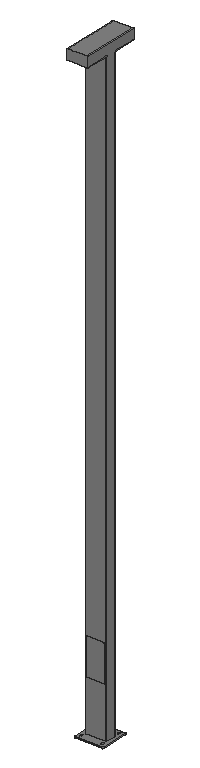
Revit family "Супремус В", category Осветительные приборы, Revit 2019 (continued)
Types (7, lengths in mm): name | Файл фотометрической сетки | built-in parameter 1150105 | Lumens | built-in parameter 1150106 | built-in parameter 1150142 | Wattage | L_общая рассеиватели | ADSK_Фактическая мощность | ADSK_Размер_Высота | ADSK_Номинальная мощность | ADSK_Наименование | ADSK_Масса_Текст | ADSK_Масса | ADSK_Артикул | 2
    4 8.7 8.2 7.5 7.5 7.0 7.6 7.8 7.5 6.8 5.9 5.2 5.0 4.9\r\n 5.1 5.3 5.4 0.0 0.0 0.0 0.0 0.0 0.0 0.0 0.0 0.0 0.0 0.0 0.0 0.0 0.0 0.0 0.0 0.0 0.0 0.0 0.0 0.0 0.0 0.0 0.0 0.0 0.0 0.0 0.0 0.0\r\n 0.0 0.0 0.0 0.0 0.0 0.0 0.0 0.0 0.0 0.0 0.0 0.0 0.0 0.0 0.0 0.0 0.0 0.0 0.0 0.0 0.0 0.0 0.0 0.0 0.0 0.0 0.0 0.0 0.0 0.0 0.0 0.0\r\n 0.0 0.0 0.0 0.0 0.0 0.0 0.0 0.0 0.0 0.0 0.0 0.0 0.0 0.0 0.0 0.0 0.0 0.0 0.0 0.0 0.0 0.0 0.0 0.0 0.0 0.0 0.0 0.0 0.0 0.0 0.0 0.0\r\n 0.0 0.0 0.0 0.0 0.0 0.0 0.0 0.0 0.0 0.0 0.0 0.0 0.0 0.0 0.0 0.0 0.0 0.0 0.0 0.0 0.0 0.0 0.0 0.0 0.0 0.0 0.0 0.0 0.0 0.0 0.0 0.0\r\n 0.0 0.0 0.0 0.0 0.0 0.0 0.0 0.0 0.0 0.0 0.0 0.0 0.0 0.0 0.0 0.0 0.0 0.0 0.0 0.0 0.0 0.0 0.0 0.0 0.0 0.0 0.0 0.0 0.0 0.0 0.0 0.0\r\n 0.0 0.0 0.0\r\n275.6 273.3 270.8 268.1 265.9 263.1 260.6 258.2 255.5 252.9 250.2 247.2 243.8 239.9 235.5 231.1 227.1 223.2 220.1 217.2 214.0\r\n 210.7 207.1 203.2 199.2 195.4 191.3 187.4 183.1 178.7 174.0 169.0 163.9 158.9 154.0 149.5 145.1 140.9 137.3 134.0 130.8 128.1\r\n 125.5 122.8 120.4 118.0 115.6 113.1 110.3 107.4 104.4 101.3 98.5 95.8 93.2 90.5 87.6 84.6 81.8 79.1 76.8 74.3 72.0 69.7 67.3 65.3\r\n 63.2 61.3 59.6 58.0 56.5 55.0 53.5 52.1 50.6 49.2 48.0 46.7 45.5 44.5 43.5 42.6 41.7 40.9 40.1 39.3 38.6 38.1 37.8 37.3 37.1 37.0\r\n 37.1 37.0 36.8 37.0 37.4 37.8 38.1 38.0 37.8 37.6 37.3 36.8 36.6 37.1 37.0 36.8 36.2 35.5 34.8 34.0 33.7 33.4 33.0 33.0 33.0 33.3\r\n 34.0 34.6 35.5 36.7 38.1 40.0 42.8 47.2 51.7 56.4 60.8 64.8 68.8 72.0 73.8 73.9 72.0 71.0 68.6 66.5 64.1 62.7 61.3 60.0 58.5 56.8\r\n 56.1 55.2 54.4 53.4 52.5 51.8 51.1 50.4 49.5 48.6 47.6 46.3 45.2 44.3 43.2 42.2 40.4 38.6 36.6 34.9 33.6 32.3 30.6 29.5 28.1 25.7\r\n 22.1 18.9 17.2 16.0 14.9 13.9 13.1 12.3 11.4 9.9 9.6 9.6 10.0 9.9 9.6 8.8 8.1 7.7 7.5 7.8 8.6 8.4 7.8 6.8 5.8 5.3 5.2 5.0 5.3 5.5\r\n 5.7 0.0 0.0 0.0 0.0 0.0 0.0 0.0 0.0 0.0 0.0 0.0 0.0 0.0 0.0 0.0 0.0 0.0 0.0 0.0 0.0 0.0 0.0 0.0 0.0 0.0 0.0 0.0 0.0 0.0 0.0 0.0\r\n 0.0 0.0 0.0 0.0 0.0 0.0 0.0 0.0 0.0 0.0 0.0 0.0 0.0 0.0 0.0 0.0 0.0 0.0 0.0 0.0 0.0 0.0 0.0 0.0 0.0 0.0 0.0 0.0 0.0 0.0 0.0 0.0\r\n 0.0 0.0 0.0 0.0 0.0 0.0 0.0 0.0 0.0 0.0 0.0 0.0 0.0 0.0 0.0 0.0 0.0 0.0 0.0 0.0 0.0 0.0 0.0 0.0 0.0 0.0 0.0 0.0 0.0 0.0 0.0 0.0\r\n 0.0 0.0 0.0 0.0 0.0 0.0 0.0 0.0 0.0 0.0 0.0 0.0 0.0 0.0 0.0 0.0 0.0 0.0 0.0 0.0 0.0 0.0 0.0 0.0 0.0 0.0 0.0 0.0 0.0 0.0 0.0 0.0\r\n 0.0 0.0 0.0 0.0 0.0 0.0 0.0 0.0 0.0 0.0 0.0 0.0 0.0 0.0 0.0 0.0 0.0 0.0 0.0 0.0 0.0 0.0 0.0 0.0 0.0 0.0 0.0 0.0 0.0 0.0 0.0 0.0\r\n 0.0\r\n275.6 273.1 270.6 268.0 265.6 263.0 260.5 258.1 255.4 252.7 250.1 247.1 243.8 240.0 235.6 231.1 227.0 223.2 219.9 216.9 213.9\r\n 210.5 207.1 203.2 199.1 195.2 191.3 187.2 183.0 178.5 173.6 168.6 163.8 158.8 153.9 149.2 144.9 140.9 137.1 133.8 130.8 128.1\r\n 125.4 122.6 119.9 117.5 115.3 112.7 109.9 107.0 103.9 100.8 97.9 95.3 92.7 90.0 87.2 84.2 81.4 78.7 76.4 74.1 71.7 69.3 67.0 64.8\r\n 62.8 61.0 59.2 57.6 56.2 54.7 53.3 51.8 50.4 49.0 47.8 46.6 45.4 44.3 43.4 42.5 41.7 40.9 40.1 39.3 38.6 38.3 37.9 37.5 37.3 37.1\r\n 37.1 37.0 36.8 36.8 37.3 37.8 38.1 38.0 37.7 37.4 37.0 36.7 36.7 37.3 37.2 36.9 36.4 35.6 35.0 34.5 34.1 33.8 33.4 33.2 33.2 33.7\r\n 34.3 35.1 35.9 36.8 38.3 40.2 42.7 46.8 51.2 56.3 60.4 64.4 69.4 74.0 75.6 75.1 73.7 72.1 69.9 66.7 64.2 62.0 60.7 59.6 58.6 58.5\r\n 57.0 55.3 54.3 53.7 52.9 52.3 51.9 51.3 50.2 49.2 47.7 46.3 44.9 43.8 42.6 41.3 39.5 37.6 35.7 34.3 33.0 32.0 30.7 29.1 27.4 25.2\r\n 22.0 18.5 16.8 15.6 14.5 13.6 12.7 11.8 11.1 10.0 9.1 8.8 9.1 9.4 8.9 8.4 7.9 7.4 7.5 7.8 9.3 8.1 7.1 6.4 5.8 5.2 5.1 4.9 5.0 5.2\r\n 5.5 0.0 0.0 0.0 0.0 0.0 0.0 0.0 0.0 0.0 0.0 0.0 0.0 0.0 0.0 0.0 0.0 0.0 0.0 0.0 0.0 0.0 0.0 0.0 0.0 0.0 0.0 0.0 0.0 0.0 0.0 0.0\r\n 0.0 0.0 0.0 0.0 0.0 0.0 0.0 0.0 0.0 0.0 0.0 0.0 0.0 0.0 0.0 0.0 0.0 0.0 0.0 0.0 0.0 0.0 0.0 0.0 0.0 0.0 0.0 0.0 0.0 0.0 0.0 0.0\r\n 0.0 0.0 0.0 0.0 0.0 0.0 0.0 0.0 0.0 0.0 0.0 0.0 0.0 0.0 0.0 0.0 0.0 0.0 0.0 0.0 0.0 0.0 0.0 0.0 0.0 0.0 0.0 0.0 0.0 0.0 0.0 0.0\r\n 0.0 0.0 0.0 0.0 0.0 0.0 0.0 0.0 0.0 0.0 0.0 0.0 0.0 0.0 0.0 0.0 0.0 0.0 0.0 0.0 0.0 0.0 0.0 0.0 0.0 0.0 0.0 0.0 0.0 0.0 0.0 0.0\r\n 0.0 0.0 0.0 0.0 0.0 0.0 0.0 0.0 0.0 0.0 0.0 0.0 0.0 0.0 0.0 0.0 0.0 0.0 0.0 0.0 0.0 0.0 0.0 0.0 0.0 0.0 0.0 0.0 0.0 0.0 0.0 0.0\r\n 0.0\r\n275.6 273.1 270.8 268.1 265.6 263.1 260.6 258.0 255.4 252.8 250.1 247.2 243.8 239.9 235.6 231.1 227.1 223.3 220.1 216.9 214.0\r\n 210.7 207.3 203.3 199.4 195.4 191.4 187.4 183.1 178.6 173.7 168.6 163.6 158.8 154.1 149.5 145.1 141.1 137.4 134.1 130.9 128.0\r\n 125.3 122.6 120.1 117.8 115.6 113.1 110.3 107.3 104.4 101.4 98.5 95.8 93.2 90.6 87.6 84.7 81.8 79.0 76.6 74.3 72.1 69.6 67.4 65.2\r\n 63.0 61.3 59.5 57.9 56.4 54.9 53.6 52.1 50.7 49.3 48.1 46.9 45.7 44.7 43.7 42.8 41.9 41.0 40.2 39.4 38.7 38.2 37.7 37.3 37.2 37.0\r\n 36.9 36.7 36.5 36.5 37.1 37.7 38.0 37.9 37.7 37.2 36.8 36.6 36.6 37.3 37.3 36.9 36.3 35.5 35.1 34.6 34.1 33.6 33.1 32.9 33.0 33.4\r\n 34.0 34.6 35.7 36.8 38.4 40.4 42.9 46.8 51.4 56.2 60.0 63.6 67.4 71.1 73.3 74.1 72.9 71.5 69.3 67.0 64.9 62.5 60.5 59.5 58.8 57.6\r\n 56.9 55.9 54.7 53.9 52.9 52.2 51.5 50.9 50.0 49.1 47.9 46.8 45.6 44.7 43.7 42.2 40.2 38.3 36.4 35.2 33.6 32.6 31.5 29.4 27.6 25.3\r\n 21.9 18.6 16.9 15.6 14.5 13.5 12.6 11.8 10.8 9.7 9.4 9.1 9.4 9.8 9.3 8.7 8.1 7.7 7.7 8.3 9.7 8.5 7.2 6.4 5.7 5.2 5.0 5.1 5.2 5.3\r\n 5.6 0.0 0.0 0.0 0.0 0.0 0.0 0.0 0.0 0.0 0.0 0.0 0.0 0.0 0.0 0.0 0.0 0.0 0.0 0.0 0.0 0.0 0.0 0.0 0.0 0.0 0.0 0.0 0.0 0.0 0.0 0.0\r\n 0.0 0.0 0.0 0.0 0.0 0.0 0.0 0.0 0.0 0.0 0.0 0.0 0.0 0.0 0.0 0.0 0.0 0.0 0.0 0.0 0.0 0.0 0.0 0.0 0.0 0.0 0.0 0.0 0.0 0.0 0.0 0.0\r\n 0.0 0.0 0.0 0.0 0.0 0.0 0.0 0.0 0.0 0.0 0.0 0.0 0.0 0.0 0.0 0.0 0.0 0.0 0.0 0.0 0.0 0.0 0.0 0.0 0.0 0.0 0.0 0.0 0.0 0.0 0.0 0.0\r\n 0.0 0.0 0.0 0.0 0.0 0.0 0.0 0.0 0.0 0.0 0.0 0.0 0.0 0.0 0.0 0.0 0.0 0.0 0.0 0.0 0.0 0.0 0.0 0.0 0.0 0.0 0.0 0.0 0.0 0.0 0.0 0.0\r\n 0.0 0.0 0.0 0.0 0.0 0.0 0.0 0.0 0.0 0.0 0.0 0.0 0.0 0.0 0.0 0.0 0.0 0.0 0.0 0.0 0.0 0.0 0.0 0.0 0.0 0.0 0.0 0.0 0.0 0.0 0.0 0.0\r\n 0.0\r\n275.6 273.3 270.8 268.4 265.7 263.2 260.8 258.3 255.7 253.1 250.5 247.7 244.4 240.7 236.6 232.2 228.0 224.1 220.7 217.7 214.8\r\n 211.4 208.2 204.6 200.6 196.6 192.8 188.8 184.5 180.4 175.5 170.6 165.6 160.8 156.1 151.6 147.3 143.1 139.2 135.5 132.4 129.4\r\n 126.7 124.1 121.3 118.9 116.7 114.4 111.9 109.2 106.2 103.4 100.6 97.8 95.0 92.3 89.6 86.7 83.8 80.9 78.3 75.9 73.7 71.4 69.0\r\n 66.7 64.6 62.8 61.0 59.3 57.7 56.2 54.8 53.3 51.9 50.5 49.2 48.0 46.8 45.6 44.5 43.4 42.4 41.5 40.5 39.7 38.9 38.2 37.7 37.2 36.9\r\n 36.6 36.4 36.4 36.1 35.8 35.9 36.6 37.0 37.3 37.1 36.7 36.3 36.1 36.0 36.5 37.0 36.6 35.8 34.9 34.4 34.0 33.4 32.9 32.5 32.2 32.3\r\n 32.7 33.2 33.8 34.5 35.3 36.9 38.8 41.1 44.4 48.4 52.6 56.1 59.5 62.3 64.3 66.5 69.0 70.0 69.4 68.2 66.5 64.6 62.9 61.3 59.2 57.2\r\n 55.9 54.9 54.3 53.7 52.7 51.7 51.1 50.5 49.7 48.8 47.9 46.9 46.3 45.7 44.7 43.8 42.7 41.0 39.1 37.3 35.7 34.3 33.2 32.4 30.4 28.4\r\n 26.4 23.7 19.7 17.6 16.4 15.3 14.3 13.4 12.6 11.4 10.2 9.8 9.6 9.6 10.0 9.7 8.8 8.1 7.7 7.6 8.4 9.7 8.7 7.5 6.8 6.0 5.4 5.1 5.3\r\n 5.3 5.6 5.9 0.0 0.0 0.0 0.0 0.0 0.0 0.0 0.0 0.0 0.0 0.0 0.0 0.0 0.0 0.0 0.0 0.0 0.0 0.0 0.0 0.0 0.0 0.0 0.0 0.0 0.0 0.0 0.0 0.0\r\n 0.0 0.0 0.0 0.0 0.0 0.0 0.0 0.0 0.0 0.0 0.0 0.0 0.0 0.0 0.0 0.0 0.0 0.0 0.0 0.0 0.0 0.0 0.0 0.0 0.0 0.0 0.0 0.0 0.0 0.0 0.0 0.0\r\n 0.0 0.0 0.0 0.0 0.0 0.0 0.0 0.0 0.0 0.0 0.0 0.0 0.0 0.0 0.0 0.0 0.0 0.0 0.0 0.0 0.0 0.0 0.0 0.0 0.0 0.0 0.0 0.0 0.0 0.0 0.0 0.0\r\n 0.0 0.0 0.0 0.0 0.0 0.0 0.0 0.0 0.0 0.0 0.0 0.0 0.0 0.0 0.0 0.0 0.0 0.0 0.0 0.0 0.0 0.0 0.0 0.0 0.0 0.0 0.0 0.0 0.0 0.0 0.0 0.0\r\n 0.0 0.0 0.0 0.0 0.0 0.0 0.0 0.0 0.0 0.0 0.0 0.0 0.0 0.0 0.0 0.0 0.0 0.0 0.0 0.0 0.0 0.0 0.0 0.0 0.0 0.0 0.0 0.0 0.0 0.0 0.0 0.0\r\n 0.0 0.0 0.0\r\n275.6 273.3 270.8 268.4 266.0 263.6 261.0 258.7 256.0 253.4 250.8 248.1 244.8 241.2 237.3 233.0 228.7 224.8 221.5 218.3 215.5\r\n 212.4 209.2 205.6 201.8 198.1 194.0 190.1 186.0 182.0 177.6 172.5 167.8 162.9 158.3 153.8 149.5 145.3 141.4 137.6 134.1 130.9\r\n 128.1 125.5 122.9 120.5 118.3 116.2 113.9 111.4 108.8 106.2 103.6 100.6 97.9 95.0 92.2 89.3 86.3 83.5 80.8 78.2 75.7 73.5 71.3\r\n 69.0 67.0 65.0 63.0 61.3 59.6 58.0 56.4 55.0 53.5 52.0 50.7 49.4 48.1 46.8 45.6 44.4 43.3 42.2 41.2 40.2 39.3 38.4 37.6 37.1 36.8\r\n 36.6 36.3 36.1 36.0 35.7 35.4 35.5 36.0 36.3 36.5 36.2 35.7 35.4 35.3 35.6 36.0 36.0 35.6 34.8 34.0 33.4 32.9 32.3 31.9 31.7 31.6\r\n 31.8 32.1 32.6 33.3 34.1 35.4 37.1 39.2 42.0 45.7 49.1 52.0 54.7 56.9 58.0 59.1 60.7 62.7 63.8 63.9 63.4 61.9 60.6 59.8 57.8 55.5\r\n 53.6 51.9 50.4 49.5 48.7 48.1 47.6 47.1 46.5 45.9 45.3 44.7 43.8 43.0 42.4 41.7 40.8 39.5 38.0 36.4 34.8 32.9 31.6 30.8 29.0 27.1\r\n 25.2 22.8 19.2 16.9 15.8 14.7 13.7 13.0 12.1 11.3 10.4 10.1 9.8 9.5 9.4 9.4 8.6 8.0 7.5 7.3 7.9 8.5 8.8 6.8 6.2 5.6 5.3 5.1 5.3\r\n 5.3 5.5 5.5 0.0 0.0 0.0 0.0 0.0 0.0 0.0 0.0 0.0 0.0 0.0 0.0 0.0 0.0 0.0 0.0 0.0 0.0 0.0 0.0 0.0 0.0 0.0 0.0 0.0 0.0 0.0 0.0 0.0\r\n 0.0 0.0 0.0 0.0 0.0 0.0 0.0 0.0 0.0 0.0 0.0 0.0 0.0 0.0 0.0 0.0 0.0 0.0 0.0 0.0 0.0 0.0 0.0 0.0 0.0 0.0 0.0 0.0 0.0 0.0 0.0 0.0\r\n 0.0 0.0 0.0 0.0 0.0 0.0 0.0 0.0 0.0 0.0 0.0 0.0 0.0 0.0 0.0 0.0 0.0 0.0 0.0 0.0 0.0 0.0 0.0 0.0 0.0 0.0 0.0 0.0 0.0 0.0 0.0 0.0\r\n 0.0 0.0 0.0 0.0 0.0 0.0 0.0 0.0 0.0 0.0 0.0 0.0 0.0 0.0 0.0 0.0 0.0 0.0 0.0 0.0 0.0 0.0 0.0 0.0 0.0 0.0 0.0 0.0 0.0 0.0 0.0 0.0\r\n 0.0 0.0 0.0 0.0 0.0 0.0 0.0 0.0 0.0 0.0 0.0 0.0 0.0 0.0 0.0 0.0 0.0 0.0 0.0 0.0 0.0 0.0 0.0 0.0 0.0 0.0 0.0 0.0 0.0 0.0 0.0 0.0\r\n 0.0 0.0 0.0\r\n275.6 273.4 271.1 268.7 266.2 264.0 261.6 259.2 256.8 254.2 251.7 248.9 246.0 242.7 238.9 234.8 230.6 226.6 222.8 219.7 216.8\r\n 213.8 210.9 207.7 204.0 200.3 196.5 192.7 188.8 184.8 181.0 176.5 171.8 167.0 162.4 157.9 153.6 149.4 145.4 141.5 137.6 134.1\r\n 131.1 128.3 125.9 123.4 120.9 118.9 116.9 114.8 112.5 110.1 107.8 105.2 102.5 99.7 96.8 93.8 90.8 87.8 84.9 82.2 79.6 77.2 74.9\r\n 72.7 70.4 68.3 66.4 64.5 62.8 61.2 59.6 58.0 56.5 54.9 53.5 52.1 50.7 49.3 47.9 46.6 45.3 44.0 42.8 41.7 40.6 39.6 38.6 37.6 36.8\r\n 36.5 36.2 36.0 35.8 35.6 35.4 35.1 34.8 34.9 35.3 35.3 35.2 34.8 34.5 34.5 34.5 35.2 35.4 35.0 34.1 33.3 32.5 31.7 31.0 30.4 30.1\r\n 30.0 30.1 30.6 31.2 31.9 33.2 34.7 36.1 38.0 41.1 44.1 46.9 49.5 51.2 51.9 52.0 52.5 53.6 55.2 56.8 57.8 57.9 57.5 57.1 56.6 54.7\r\n 53.0 51.2 48.8 47.0 45.6 44.8 44.0 43.5 42.9 42.5 42.1 41.7 41.2 40.6 40.2 39.6 39.1 38.2 37.3 36.0 34.2 32.6 31.3 30.3 29.2 27.0\r\n 25.3 23.4 20.6 17.6 16.1 14.9 13.8 12.9 12.1 11.1 10.5 9.6 9.6 9.3 9.3 9.0 8.9 8.2 7.7 7.4 7.5 7.1 7.3 6.4 5.9 5.4 5.3 5.1 5.1\r\n 5.2 5.3 4.7 0.0 0.0 0.0 0.0 0.0 0.0 0.0 0.0 0.0 0.0 0.0 0.0 0.0 0.0 0.0 0.0 0.0 0.0 0.0 0.0 0.0 0.0 0.0 0.0 0.0 0.0 0.0 0.0 0.0\r\n 0.0 0.0 0.0 0.0 0.0 0.0 0.0 0.0 0.0 0.0 0.0 0.0 0.0 0.0 0.0 0.0 0.0 0.0 0.0 0.0 0.0 0.0 0.0 0.0 0.0 0.0 0.0 0.0 0.0 0.0 0.0 0.0\r\n 0.0 0.0 0.0 0.0 0.0 0.0 0.0 0.0 0.0 0.0 0.0 0.0 0.0 0.0 0.0 0.0 0.0 0.0 0.0 0.0 0.0 0.0 0.0 0.0 0.0 0.0 0.0 0.0 0.0 0.0 0.0 0.0\r\n 0.0 0.0 0.0 0.0 0.0 0.0 0.0 0.0 0.0 0.0 0.0 0.0 0.0 0.0 0.0 0.0 0.0 0.0 0.0 0.0 0.0 0.0 0.0 0.0 0.0 0.0 0.0 0.0 0.0 0.0 0.0 0.0\r\n 0.0 0.0 0.0 0.0 0.0 0.0 0.0 0.0 0.0 0.0 0.0 0.0 0.0 0.0 0.0 0.0 0.0 0.0 0.0 0.0 0.0 0.0 0.0 0.0 0.0 0.0 0.0 0.0 0.0 0.0 0.0 0.0\r\n 0.0 0.0 0.0\r\n275.6 273.5 271.2 268.9 266.7 264.3 262.1 259.9 257.4 254.9 252.4 249.9 247.1 243.9 240.4 236.6 232.5 228.3 224.6 221.2 218.1\r\n 215.3 212.6 209.4 206.2 202.8 199.0 195.4 191.6 187.9 184.1 180.3 176.0 171.5 166.7 162.4 158.1 153.9 149.8 146.1 142.0 138.2\r\n 134.7 131.7 128.9 126.5 124.3 122.2 120.2 118.2 116.3 114.4 112.2 109.9 107.5 105.1 102.5 99.5 96.5 93.4 90.4 87.3 84.6 81.9 79.5\r\n 77.3 75.2 73.0 70.9 68.9 67.1 65.3 63.4 62.0 60.3 58.7 57.0 55.4 53.7 52.1 50.5 49.0 47.5 46.1 44.7 43.3 42.2 41.0 40.0 39.0 38.1\r\n 37.2 36.5 36.1 35.8 35.5 35.3 35.1 34.9 34.6 34.3 34.4 34.5 34.5 34.4 34.0 33.8 34.0 34.5 34.8 34.2 33.4 32.6 31.7 30.9 30.0 29.4\r\n 29.0 28.8 28.8 29.0 29.5 30.6 32.1 33.8 35.5 37.7 40.2 42.7 45.2 46.6 46.7 46.6 46.5 46.8 47.5 48.5 49.7 50.9 51.6 52.1 52.3 52.2\r\n 51.5 50.5 48.8 46.9 45.2 43.9 43.0 42.3 41.9 41.2 40.7 40.0 39.3 38.8 39.0 38.8 38.0 37.2 36.0 34.7 33.2 31.7 30.3 29.3 28.3 26.9\r\n 25.5 24.2 22.1 19.4 17.7 16.5 15.3 14.2 13.2 12.1 11.3 10.6 10.6 9.7 9.4 8.9 8.7 8.3 7.5 7.1 6.9 6.8 6.3 5.9 5.5 5.1 5.0 5.0 5.0\r\n 4.9 4.7 3.6 0.0 0.0 0.0 0.0 0.0 0.0 0.0 0.0 0.0 0.0 0.0 0.0 0.0 0.0 0.0 0.0 0.0 0.0 0.0 0.0 0.0 0.0 0.0 0.0 0.0 0.0 0.0 0.0 0.0\r\n 0.0 0.0 0.0 0.0 0.0 0.0 0.0 0.0 0.0 0.0 0.0 0.0 0.0 0.0 0.0 0.0 0.0 0.0 0.0 0.0 0.0 0.0 0.0 0.0 0.0 0.0 0.0 0.0 0.0 0.0 0.0 0.0\r\n 0.0 0.0 0.0 0.0 0.0 0.0 0.0 0.0 0.0 0.0 0.0 0.0 0.0 0.0 0.0 0.0 0.0 0.0 0.0 0.0 0.0 0.0 0.0 0.0 0.0 0.0 0.0 0.0 0.0 0.0 0.0 0.0\r\n 0.0 0.0 0.0 0.0 0.0 0.0 0.0 0.0 0.0 0.0 0.0 0.0 0.0 0.0 0.0 0.0 0.0 0.0 0.0 0.0 0.0 0.0 0.0 0.0 0.0 0.0 0.0 0.0 0.0 0.0 0.0 0.0\r\n 0.0 0.0 0.0 0.0 0.0 0.0 0.0 0.0 0.0 0.0 0.0 0.0 0.0 0.0 0.0 0.0 0.0 0.0 0.0 0.0 0.0 0.0 0.0 0.0 0.0 0.0 0.0 0.0 0.0 0.0 0.0 0.0\r\n 0.0 0.0 0.0\r\n275.6 273.5 271.3 269.1 267.0 264.8 262.6 260.3 258.2 255.6 253.2 250.8 248.3 245.4 242.3 238.7 235.1 231.1 227.2 223.6 220.4\r\n 217.2 214.4 211.6 208.8 205.8 202.5 198.9 195.5 191.7 188.4 184.7 181.1 177.2 173.1 168.6 164.2 160.0 156.0 152.3 148.6 144.9\r\n 141.2 137.5 134.2 131.5 129.0 126.8 124.7 122.7 120.6 118.8 117.1 115.2 113.2 111.1 109.1 106.9 104.4 101.5 98.5 95.5 92.4 89.3\r\n 86.4 83.9 81.6 79.4 77.3 75.1 73.1 71.1 69.2 67.2 65.3 63.5 61.9 60.4 58.8 57.0 55.2 53.4 51.7 50.0 48.3 46.6 45.1 43.7 42.4 41.3\r\n 40.1 39.1 38.2 37.4 36.6 35.9 35.6 35.3 35.0 34.8 34.7 34.5 34.2 33.9 33.8 33.7 33.5 33.4 33.2 33.3 33.8 34.0 33.4 32.8 31.9 31.0\r\n 30.1 29.1 28.4 27.9 27.6 27.6 27.8 28.4 29.4 30.7 32.2 34.3 37.0 39.8 42.6 44.5 44.8 44.4 43.6 42.9 43.2 43.4 44.0 44.8 45.5 46.1\r\n 46.2 46.0 45.9 45.4 44.9 44.2 43.3 43.1 43.2 42.3 41.4 40.3 39.4 38.3 37.5 37.3 37.2 36.5 35.4 34.3 32.9 31.6 30.2 29.0 28.3 27.1\r\n 25.9 24.8 23.8 22.4 20.6 18.2 16.7 15.6 14.6 13.7 12.7 11.7 10.8 10.2 9.9 9.0 8.6 8.0 8.0 7.6 6.8 6.4 6.0 5.4 5.0 4.7 4.5 4.4 4.4\r\n 4.3 4.2 3.7 2.6 0.0 0.0 0.0 0.0 0.0 0.0 0.0 0.0 0.0 0.0 0.0 0.0 0.0 0.0 0.0 0.0 0.0 0.0 0.0 0.0 0.0 0.0 0.0 0.0 0.0 0.0 0.0 0.0\r\n 0.0 0.0 0.0 0.0 0.0 0.0 0.0 0.0 0.0 0.0 0.0 0.0 0.0 0.0 0.0 0.0 0.0 0.0 0.0 0.0 0.0 0.0 0.0 0.0 0.0 0.0 0.0 0.0 0.0 0.0 0.0 0.0\r\n 0.0 0.0 0.0 0.0 0.0 0.0 0.0 0.0 0.0 0.0 0.0 0.0 0.0 0.0 0.0 0.0 0.0 0.0 0.0 0.0 0.0 0.0 0.0 0.0 0.0 0.0 0.0 0.0 0.0 0.0 0.0 0.0\r\n 0.0 0.0 0.0 0.0 0.0 0.0 0.0 0.0 0.0 0.0 0.0 0.0 0.0 0.0 0.0 0.0 0.0 0.0 0.0 0.0 0.0 0.0 0.0 0.0 0.0 0.0 0.0 0.0 0.0 0.0 0.0 0.0\r\n 0.0 0.0 0.0 0.0 0.0 0.0 0.0 0.0 0.0 0.0 0.0 0.0 0.0 0.0 0.0 0.0 0.0 0.0 0.0 0.0 0.0 0.0 0.0 0.0 0.0 0.0 0.0 0.0 0.0 0.0 0.0 0.0\r\n 0.0 0.0 0.0 0.0\r\n275.6 273.7 271.5 269.5 267.3 265.2 263.1 261.2 259.1 256.8 254.3 252.0 249.5 246.9 244.2 240.9 237.3 233.7 230.0 226.3 222.9\r\n 219.7 216.6 213.7 211.2 208.6 205.7 202.6 199.1 195.9 192.6 189.0 185.6 182.2 178.8 175.1 171.2 166.8 162.7 159.0 155.3 151.8\r\n 148.4 144.9 141.5 137.9 134.8 132.1 129.7 127.5 125.6 124.1 122.5 120.8 119.2 117.5 115.6 113.7 111.7 109.5 106.9 104.2 101.5\r\n 98.6 95.6 92.9 90.2 87.6 85.2 82.8 80.7 78.7 76.6 74.8 72.8 70.9 69.0 67.1 65.2 63.3 61.6 59.8 58.0 56.0 54.0 52.0 50.1 48.2 46.4\r\n 44.7 43.2 41.9 40.8 39.7 38.7 37.8 37.0 36.3 35.7 35.4 35.1 34.8 34.7 34.5 34.2 33.9 33.4 33.1 32.8 32.6 32.6 32.8 33.2 33.2 32.4\r\n 31.5 30.7 30.0 29.3 28.4 27.5 26.9 26.4 26.1 26.1 26.5 27.4 28.6 30.1 31.9 34.2 36.3 39.0 41.8 42.8 43.4 42.3 41.7 41.3 41.5 41.7\r\n 41.6 41.0 40.4 39.8 38.9 38.4 37.7 37.2 37.0 37.5 38.1 37.7 36.5 35.9 35.6 35.6 35.8 34.5 32.7 31.6 30.4 28.9 27.4 26.2 25.1 24.3\r\n 23.5 22.9 22.2 21.7 20.6 19.0 17.1 15.2 14.0 13.0 12.1 11.2 10.0 9.1 8.5 8.3 7.8 7.2 6.9 6.7 6.6 6.1 5.7 5.2 4.7 4.4 4.1 4.0 4.1\r\n 4.0 3.9 3.5 2.5 2.2 0.0 0.0 0.0 0.0 0.0 0.0 0.0 0.0 0.0 0.0 0.0 0.0 0.0 0.0 0.0 0.0 0.0 0.0 0.0 0.0 0.0 0.0 0.0 0.0 0.0 0.0 0.0\r\n 0.0 0.0 0.0 0.0 0.0 0.0 0.0 0.0 0.0 0.0 0.0 0.0 0.0 0.0 0.0 0.0 0.0 0.0 0.0 0.0 0.0 0.0 0.0 0.0 0.0 0.0 0.0 0.0 0.0 0.0 0.0 0.0\r\n 0.0 0.0 0.0 0.0 0.0 0.0 0.0 0.0 0.0 0.0 0.0 0.0 0.0 0.0 0.0 0.0 0.0 0.0 0.0 0.0 0.0 0.0 0.0 0.0 0.0 0.0 0.0 0.0 0.0 0.0 0.0 0.0\r\n 0.0 0.0 0.0 0.0 0.0 0.0 0.0 0.0 0.0 0.0 0.0 0.0 0.0 0.0 0.0 0.0 0.0 0.0 0.0 0.0 0.0 0.0 0.0 0.0 0.0 0.0 0.0 0.0 0.0 0.0 0.0 0.0\r\n 0.0 0.0 0.0 0.0 0.0 0.0 0.0 0.0 0.0 0.0 0.0 0.0 0.0 0.0 0.0 0.0 0.0 0.
